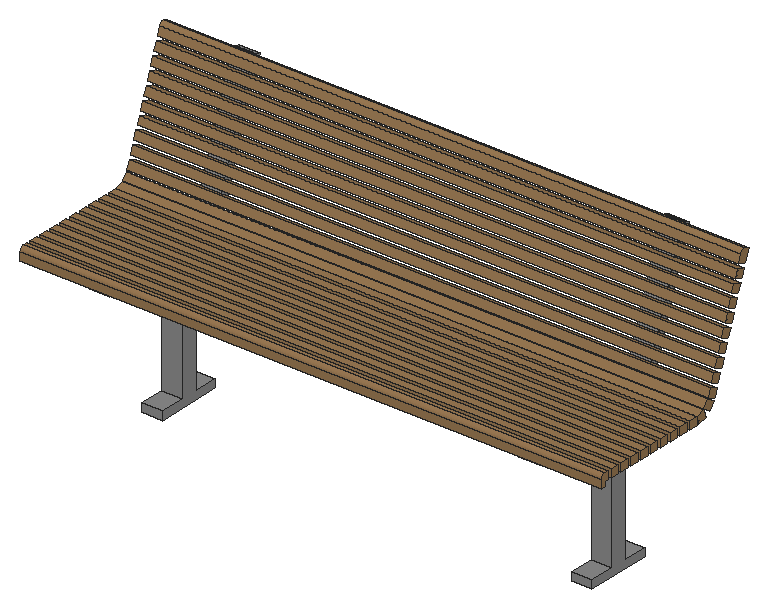
Revit family "M_Banco de parque", category Terreno, Revit 2019
Family settings
  Cota do conector redondo = Utilizar diâmetro
  Tipo de parte = Normal
  ID de item do Seek = Park Bench-0000-CAN-ENU
  Com base no plano de trabalho = Não
  Sempre na vertical = Sim
  Corte com vazios quando carregada = Não
  Compartilhado = Não
Parameters (values of type "1800mm")
  Material do assento = Madeira - Teca
  Comprimento = 1800 mm
  Material da moldura = Aço, acabamento de pintura, cinza escuro, fosco
Types (3, lengths in mm): name | Comprimento
  (no name) | 1800
  1800mm | 1800
  2400mm | 2400
Reference planes
  plane 1 "Centro (Frente/Trás)": y = 0
  plane 2: z = 0
  plane 3 "Centro (Esquerda/Direita)": x = 0
  plane 4: x = -900
  plane 5: x = 900
  plane 6: y = 304.8
  plane 7: y = -304.8
  plane 8: z = 457.2
  plane 9: z = 914.4
  plane 10: x = 696.8
  plane 11: x = -696.8
Forms (mm)
  Extrusion 1, solid, material "Aço, acabamento de pintura, cinza escuro, fosco" <- "Material da moldura"
    sketch origin (0, 0, 0) x (0, 1, 0) y (0, 0, 1)
      loop
        line (-101.6, 0) -> (101.6, 0) -> (101.6, 25.4) -> (25.4, 25.4) -> (25.4, 431.8) -> (57.137, 431.8)
        arc (57.137, 431.8) -> (108.128, 447.877) -> (140.675, 490.294) r 88.9
        line (140.675, 490.294) -> (273.152, 854.272) -> (261.218, 858.616)
        arc (261.218, 858.616) -> (251.507, 858.192) -> (244.941, 851.025) r 12.7
        line (244.941, 851.025) -> (116.807, 498.982)
        arc (116.807, 498.982) -> (93.559, 468.684) -> (57.137, 457.2) r 63.5
        line (57.137, 457.2) -> (-304.8, 457.2) -> (-304.8, 431.8) -> (-25.4, 431.8) -> (-25.4, 25.4) -> (-101.6, 25.4) -> (-101.6, 0)
    from -696.8 to -632.908
  Extrusion 2, solid, material "Aço, acabamento de pintura, cinza escuro, fosco" <- "Material da moldura"
    sketch origin (-4.401, 0, 0) x (0, 1, 0) y (0, 0, 1)
      loop
        line (-101.6, 0) -> (101.6, 0) -> (101.6, 25.4) -> (25.4, 25.4) -> (25.4, 431.8) -> (57.137, 431.8)
        arc (57.137, 431.8) -> (108.128, 447.877) -> (140.675, 490.294) r 88.9
        line (140.675, 490.294) -> (273.152, 854.272) -> (261.218, 858.616)
        arc (261.218, 858.616) -> (251.507, 858.192) -> (244.941, 851.025) r 12.7
        line (244.941, 851.025) -> (116.807, 498.982)
        arc (116.807, 498.982) -> (93.559, 468.684) -> (57.137, 457.2) r 63.5
        line (57.137, 457.2) -> (-304.8, 457.2) -> (-304.8, 431.8) -> (-25.4, 431.8) -> (-25.4, 25.4) -> (-101.6, 25.4) -> (-101.6, 0)
    from 638.374 to 701.201
  Extrusion 3, solid, material "Madeira - Teca" <- "Material do assento"
    sketch origin (0, 0, 0) x (0, 1, 0) y (0, 0, 1)
      loop
        line (-255.434, 457.2) -> (-255.434, 482.6) -> (-280.834, 482.6) -> (-280.834, 457.2) -> (-255.434, 457.2)
      loop
        line (-217.334, 457.2) -> (-217.334, 482.6) -> (-242.734, 482.6) -> (-242.734, 457.2) -> (-217.334, 457.2)
      loop
        line (-179.234, 457.2) -> (-179.234, 482.6) -> (-204.634, 482.6) -> (-204.634, 457.2) -> (-179.234, 457.2)
      loop
        line (-141.134, 457.2) -> (-141.134, 482.6) -> (-166.534, 482.6) -> (-166.534, 457.2) -> (-141.134, 457.2)
      loop
        line (-103.034, 457.2) -> (-103.034, 482.6) -> (-128.434, 482.6) -> (-128.434, 457.2) -> (-103.034, 457.2)
      loop
        line (-64.934, 457.2) -> (-64.934, 482.6) -> (-90.334, 482.6) -> (-90.334, 457.2) -> (-64.934, 457.2)
      loop
        line (-26.834, 457.2) -> (-26.834, 482.6) -> (-52.234, 482.6) -> (-52.234, 457.2) -> (-26.834, 457.2)
      loop
        line (11.266, 457.2) -> (11.266, 482.6) -> (-14.134, 482.6) -> (-14.134, 457.2) -> (11.266, 457.2)
      loop
        line (49.366, 457.2) -> (49.366, 482.6) -> (23.966, 482.6) -> (23.966, 457.2) -> (49.366, 457.2)
      loop
        line (-293.534, 457.2) -> (-293.534, 482.6) -> (-304.646, 482.6)
        arc (-304.646, 482.6) -> (-314.749, 478.415) -> (-318.934, 468.313) r 14.288
        line (-318.934, 468.313) -> (-318.934, 444.5) -> (-304.8, 444.5) -> (-304.8, 457.2) -> (-293.534, 457.2)
      loop
        line (145.142, 576.831) -> (153.829, 600.699) -> (129.961, 609.386) -> (121.274, 585.518) -> (145.142, 576.831)
      loop
        line (158.173, 612.633) -> (166.86, 636.501) -> (142.992, 645.189) -> (134.305, 621.32) -> (158.173, 612.633)
      loop
        line (119.08, 505.226) -> (127.767, 529.094) -> (103.899, 537.782) -> (95.212, 513.914) -> (119.08, 505.226)
      loop
        line (132.111, 541.029) -> (140.798, 564.897) -> (116.93, 573.584) -> (108.243, 549.716) -> (132.111, 541.029)
      loop
        line (197.266, 720.04) -> (205.953, 743.908) -> (182.085, 752.595) -> (173.398, 728.727) -> (197.266, 720.04)
      loop
        line (210.297, 755.842) -> (218.984, 779.71) -> (195.116, 788.398) -> (186.429, 764.53) -> (210.297, 755.842)
      loop
        line (171.204, 648.435) -> (179.891, 672.304) -> (156.023, 680.991) -> (147.336, 657.123) -> (171.204, 648.435)
      loop
        line (184.235, 684.238) -> (192.922, 708.106) -> (169.054, 716.793) -> (160.367, 692.925) -> (184.235, 684.238)
      loop
        line (223.328, 791.645) -> (232.015, 815.513) -> (208.147, 824.2) -> (199.46, 800.332) -> (223.328, 791.645)
      loop
        line (236.359, 827.447) -> (249.39, 863.249) -> (237.456, 867.593)
        arc (237.456, 867.593) -> (227.745, 867.169) -> (221.178, 860.002) r 12.7
        line (221.178, 860.002) -> (212.491, 836.134) -> (236.359, 827.447)
      loop
        line (99.592, 476.158) -> (114.161, 496.964) -> (93.354, 511.533) -> (78.786, 490.727) -> (99.592, 476.158)
      loop
        line (59.082, 457.23) -> (83.616, 463.804) -> (77.042, 488.338) -> (52.508, 481.764) -> (59.082, 457.23)
    from -900 to 900
Lines and regions (mm)
  symbolic lines, style "Acessórios do terreno"
    curve 1: line (-900, -304.646, 0) -> (900, -304.646, 0)
    curve 2: line (-900, 304.8, 0) -> (-900, -304.646, 0)
    curve 3: line (900, 304.8, 0) -> (-900, 304.8, 0)
    curve 4: line (900, -304.646, 0) -> (900, 304.8, 0)
    curve 5: line (-900, 153.829, 0) -> (900, 153.829, 0)
Dimensions and locks
  equal spacing: plane 4, plane 3 "Centro (Esquerda/Direita)", plane 5
  "Comprimento": plane 4 to plane 5
  equal spacing: plane 7, plane 1 "Centro (Frente/Trás)", plane 6
  plane 7 to plane 6 = 609.6 mm
  locked: plane 4 to plane 11 at 203.2
  locked: plane 10 to plane 5 at 203.2
  locked: Extrusion 2 to plane 10 at 62.826
  locked: plane 11 to Extrusion 1 at 63.892
  aligned and locked: Extrusion 2 to plane 10
  aligned and locked: plane 11 to Extrusion 1
  aligned and locked: Extrusion 3 to plane 5
  aligned and locked: plane 4 to Extrusion 3
Automatic sketch dimensions
  Extrusion 1 sketch curve to plane 7 = 0 mm
  Extrusion 1 sketch curve to level = 0 mm
  Extrusion 1 sketch curve to plane 8 = 0 mm
  level to Extrusion 1 sketch curve = 25.4 mm  (x2)
  plane 1 "Centro (Frente/Trás)" to Extrusion 1 sketch curve = 101.6 mm
  plane 1 "Centro (Frente/Trás)" to Extrusion 1 sketch curve = 25.4 mm
  Extrusion 1 sketch curve to plane 1 "Centro (Frente/Trás)" = 25.4 mm
  Extrusion 1 sketch curve to Extrusion 1 sketch curve = 0 mm
  Extrusion 1 sketch curve to Extrusion 1 sketch curve = 76.2 mm
  Extrusion 1 sketch curve to plane 8 = 41.782 mm
  Extrusion 1 sketch curve to Extrusion 1 sketch curve = 59.67 mm
  Extrusion 1 sketch curve to Extrusion 1 sketch curve = 23.868 mm
  plane 6 to Extrusion 1 sketch curve = 59.859 mm
  Extrusion 1 sketch curve to Extrusion 1 sketch curve = 11.934 mm  (x2)
  Extrusion 1 sketch curve to Extrusion 1 sketch curve = 4.344 mm  (x2)
  plane 8 to Extrusion 1 sketch curve = 25.4 mm  (x2)
  Extrusion 1 sketch curve to Extrusion 1 sketch curve = 8.687 mm
  plane 9 to Extrusion 1 sketch curve = 67.718 mm
  Extrusion 1 sketch curve to Extrusion 1 sketch curve = 31.737 mm
  Extrusion 2 sketch curve to Extrusion 2 sketch curve = 0 mm
  Extrusion 2 sketch curve to Extrusion 2 sketch curve = 76.2 mm
  Extrusion 2 sketch curve to Extrusion 2 sketch curve = 59.67 mm
  Extrusion 2 sketch curve to Extrusion 2 sketch curve = 23.868 mm
  Extrusion 2 sketch curve to Extrusion 2 sketch curve = 11.934 mm  (x2)
  Extrusion 2 sketch curve to Extrusion 2 sketch curve = 4.344 mm  (x2)
  Extrusion 2 sketch curve to Extrusion 2 sketch curve = 8.687 mm
  Extrusion 2 sketch curve to Extrusion 2 sketch curve = 31.737 mm
  Extrusion 2 sketch curve to plane 7 = 0 mm
  Extrusion 2 sketch curve to level = 0 mm
  Extrusion 2 sketch curve to plane 8 = 0 mm
  level to Extrusion 2 sketch curve = 25.4 mm  (x2)
  plane 1 "Centro (Frente/Trás)" to Extrusion 2 sketch curve = 101.6 mm
  plane 1 "Centro (Frente/Trás)" to Extrusion 2 sketch curve = 25.4 mm
  Extrusion 2 sketch curve to plane 1 "Centro (Frente/Trás)" = 25.4 mm
  plane 6 to Extrusion 2 sketch curve = 59.859 mm
  plane 8 to Extrusion 2 sketch curve = 25.4 mm  (x2)
  Extrusion 2 sketch curve to Extrusion 2 sketch curve = 33.094 mm
  plane 9 to Extrusion 2 sketch curve = 67.718 mm
  Extrusion 3 sketch curve to plane 7 = 0 mm
  Extrusion 3 sketch curve to plane 8 = 0 mm  (x10)
  plane 7 to Extrusion 3 sketch curve = 14.134 mm
  Extrusion 3 sketch curve to plane 7 = 0.154 mm
  Extrusion 3 sketch curve to plane 7 = 11.266 mm
  Extrusion 3 sketch curve to Extrusion 3 sketch curve = 12.7 mm  (x9)
  Extrusion 3 sketch curve to Extrusion 3 sketch curve = 25.4 mm  (x13)
  Extrusion 3 sketch curve to plane 1 "Centro (Frente/Trás)" = 11.266 mm
  Extrusion 3 sketch curve to plane 8 = 24.564 mm
  Extrusion 3 sketch curve to Extrusion 3 sketch curve = 3.141 mm
  Extrusion 3 sketch curve to plane 8 = 0.03 mm
  Extrusion 3 sketch curve to Extrusion 3 sketch curve = 9.715 mm
  Extrusion 3 sketch curve to plane 8 = 31.138 mm
  Extrusion 3 sketch curve to plane 8 = 33.527 mm
  Extrusion 3 sketch curve to Extrusion 3 sketch curve = 1.743 mm
  Extrusion 3 sketch curve to plane 8 = 54.333 mm
  Extrusion 3 sketch curve to Extrusion 3 sketch curve = 14.569 mm
  Extrusion 3 sketch curve to Extrusion 3 sketch curve = 1.858 mm
  Extrusion 3 sketch curve to plane 8 = 18.958 mm
  Extrusion 3 sketch curve to Extrusion 3 sketch curve = 8.687 mm  (x10)
  Extrusion 3 sketch curve to Extrusion 3 sketch curve = 4.344 mm  (x19)
  Extrusion 3 sketch curve to plane 8 = 48.026 mm
  Extrusion 3 sketch curve to Extrusion 3 sketch curve = 4.919 mm
  Extrusion 3 sketch curve to Extrusion 3 sketch curve = 11.934 mm  (x19)
  plane 9 to Extrusion 3 sketch curve = 46.807 mm
  plane 8 to Extrusion 3 sketch curve = 12.7 mm
  Extrusion 3 sketch curve to plane 8 = 11.113 mm
  Extrusion 3 sketch curve to Extrusion 3 sketch curve = 0 mm  (x4)
  Extrusion 3 sketch curve to Extrusion 3 sketch curve = 2.38 mm
  curve 5 to plane 4 = 0 mm
  curve 5 to plane 5 = 0 mm
  curve 4 to plane 6 = 0 mm
  curve 5 to curve 2 = 150.971 mm
  curve 1 to plane 7 = 0.154 mm
